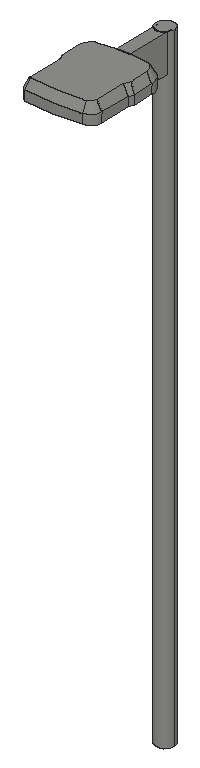
Revit family "VP-1_ADU", category Lighting Fixtures, host Face, Revit 2019
Family settings
  Host = Face
  Round Connector Dimension = Use Diameter
  Part Type = Normal
  OmniClass Number = 23.80.70.11.14.17
  OmniClass Title = Direct/Indirect
  Cut with Voids When Loaded = No
  Light Source = No
  Shared = Yes
  Room Calculation Point = No
Parameters (values of type "VP-1-AD3U")
  Wattage Comments = "97.2W"
  Warranty = "Five year warranty"  # constant formula
  Voltage = 120 V
  URL = "https://www.currentlighting.com/beacon"
  Type Comments = "Lighting Fixture"  # constant formula
  Size1 [instance] = SIZE1-ADU : SIZE1-ADU
  Product Page URL = "https://www.currentlighting.com/outdoor-lighting/viper-area-size-1/9606403"
  Product Documentation Link = "https://cdn.currentlighting.com/site/specsheet/BEA_VIPERSPEC.pdf"
  Power Factor = 0.9
  Pole Radius [instance] = Pole Size / 2  # 1.75"
  Pole Height [instance] = 120.00"
  Name = "Viper Area Size 1"  # constant formula
  Mounting Block Size [instance] = Pole Size - 1.00"  # 2.50"
  Model = "VP-1-AD3U"
  Matt Grey = MATT GREY
  Matt Black = Matt Black
  Manufacturer = "Current Lighting"  # constant formula
  Load Classification = Lighting
  Light Output = 6297.00 cd/m²
  Lamp = "LED"  # constant formula
  Grey = Grey
  Glass = Glass
  Pole Size [instance] = 3.50"
  Features = "Featuring two different optical technologies, Micro Strike and Strike Optics, which provide the best distribution patterns for retrofit or new construction\r\nVibration rated for high vibration applications including bridges and overpasses\r\nControl options including photo control, occupancy sensing, NX Lighting Controls, wiSCAPE and 7-Pin with networked controls\r\nMounting options include: Arm, Universal Arm, Adjustable Arm, Mast Arm, Decorative Arm, Knuckle, Trunnion, Wall\r\nDistribution options include: Auto Front Row, Type 2, Type 3, Type 4 Forward, Type 4 Wide, Type 5 Narrow, Type 5 Medium, Type 5 Wide, Type 5 Rectangular, Corner Optic, and Tennis Court\r\n\r\n"  # constant formula
  Copyright = "© 2022 Current Lighting"  # constant formula
  Cool Grey = Cool Grey
  Contact Us = "https://www.currentlighting.com/contact-us"
  Certification = "UL"  # constant formula
  Description = "The Viper is an extremely versatile area/site luminaire which blends design, performance, and technology for a variety of applications."  # constant formula
  Default Elevation = 48.00"
  Finish = Arctic White
  Matt White = Matt White
  CRI = "70"  # constant formula
  Brand = "Beacon"  # constant formula
  Assembly Code = "D5020200"
  Apparent Load = 97.2 VA
Types (4): name | Pole Radius | Mounting Block Size | Model | Pole Size
  (no name) | 1.75" | 2.50" | "VP-1-AD3U" | 3.50"
  VP-1-AD3U | 1.75" | 2.50" | "VP-1-AD3U" | 3.50"
  VP-1-AD4U | 2.09" | 3.18" | "VP-1-AD4U" | 4.18"
  VP-1-AD5U | 2.75" | 4.50" | "VP-1-AD5U" | 5.50"
Reference planes (in)
  plane 1 "Center (Front/Back)": y = 6.16697
  plane 2: z = 0
  plane 3 "Center (Left/Right)": x = 0
  plane 4: z = 3.75
  plane 5: z = -4.44
  plane 6: x = -1.75
  plane 7: x = 1.75
  plane 8: y = 4.41697
  plane 9: y = 7.91697
  plane 10: z = 120
Forms (in)
  Extrusion 1, solid, material "Cool Grey" <- "Cool Grey"
    sketch origin (0, 0, 0) x (1, 0, 0) y (0, 1, 0)
      loop
        circle (0, 6.16697) r 1.75
    from 0 to 120
Lines and regions (in)
  reference lines
    curve 1: line (0, 14.42606, -3.25) -> (0, 17.42606, -0.25)
    curve 2: line (0, -2.09213, -3.25) -> (0, 14.42606, -3.25)
    curve 3: line (0, -5.09213, -0.25) -> (0, -2.09213, -3.25)
    curve 4: line (0, 14.42606, -3.25) -> (0, 17.42606, -0.25)
    curve 5: line (0, -5.09213, -0.25) -> (0, 17.42606, -0.25)
    curve 6: line (0, 17.17606, -0.77432) -> (0, 17.92606, -0.77432)
    curve 7: line (0, 17.17606, -1.52432) -> (0, 17.17606, -0.77432)
    curve 8: line (0, 16.69614, -1.52432) -> (0, 17.17606, -1.52432)
    curve 9: line (0, 14.92606, -4.25) -> (0, 16.69614, -1.52432)
    curve 10: line (0, -4.3622, -1.52432) -> (0, -2.59213, -4.25)
    curve 11: line (0, -4.84213, -1.52432) -> (0, -4.3622, -1.52432)
    curve 12: line (0, -4.84213, -0.77432) -> (0, -4.84213, -1.52432)
    curve 13: line (0, -5.59213, -0.77432) -> (0, -4.84213, -0.77432)
Dimensions and locks (in)
  plane 4 to plane 2 = 3.75"
  "Pole Size": plane 8 to plane 9
  equal spacing: plane 8, plane 1 "Center (Front/Back)", plane 9
  equal spacing: plane 6, plane 3 "Center (Left/Right)", plane 7
  "Pole Size": plane 6 to plane 7
  "Pole Height": plane 10 to plane 2
  "Pole Radius": radius of Extrusion 1 sketch curve
  aligned and locked: plane 2 to host face
  aligned and locked: level to host face
  aligned and locked: plane 10 to Extrusion 1
  aligned and locked: plane 3 "Center (Left/Right)" to nested 1
  aligned and locked: nested 1 to plane 10
Automatic sketch dimensions
  host sketch curve to host sketch curve = 96.00"
  host sketch curve to host sketch curve = 85.00"
  curve 3 to level = 0.25"
  plane 8 to curve 3 = 9.50909"
  curve 3 to curve 12 = 0.25"
  curve 11 to curve 11 = 0.47992"
  curve 2 to plane 5 = 1.19"
  curve 10 to curve 2 = 2.27008"
  curve 1 to plane 9 = 6.50909"
  curve 9 to level = 1.52432"
  curve 1 to curve 9 = 2.27008"
  curve 8 to curve 8 = 0.47992"
  curve 6 to curve 4 = 0.25"
  curve 10 to curve 3 = 1.27432"
  curve 7 to curve 1 = 0.52432"
  curve 12 to curve 3 = 0.52432"
  curve 13 to curve 3 = 0.50"
  curve 10 to plane 5 = 0.19"
  curve 10 to curve 2 = 0.50"
  curve 9 to plane 5 = 0.19"
  curve 1 to curve 9 = 0.50"
  curve 1 to curve 6 = 0.50"
  plane 1 "Center (Front/Back)" to Extrusion 1 sketch curve = 0.00"
  Extrusion 1 sketch curve to plane 3 "Center (Left/Right)" = 0.00"
Nested families (in)
  nested 1: "SIZE1-ADU" at (0, 4.41697, 118.26) x (1, 0, 0) z (0, -1, 0), Mounting Block Width <- "Mounting Block Size", type "SIZE1-ADU"
    with Mounting Block Width 2.50"
Connectors (in)
  electrical at (0, 6.16697, 0), driven by "Power Factor", driven by "Apparent Load", driven by "Voltage"
    settings: on Extrusion 1, index 1, voltage 120 V, apparent load 97.2 VA, apparent load phase1 0 VA, apparent load phase2 0 VA, apparent load phase3 0 VA, power factor 0.9, load classification "Other", number of poles 1, system type 30, power factor state 1, is connector primary yes, connector utility no, sub classification motor no, connector description "Light Fixture"
Definition of nested family "SIZE1-ADU"
  Parameters (values of type "SIZE1-ADU")
    Width = 14.38"
    Wattage = 97.2 W
    built-in parameter 1150110 = 1 (stored number, unit not read)
    built-in parameter 1114217 = 1 (stored number, unit not read)
    Tilt Angle = 160.00°
    built-in parameter 1150109 = 1 (stored number, unit not read)
    built-in parameter 1150134 = 3
    built-in parameter 1150113 = 1 (stored number, unit not read)
    Photometric Web File = "VP-1-160L-100-3K7-4W-BC.ies"
    Mounting Block Width [instance] = 3.00"
    Mount Length = 7.30"
    built-in parameter 1150105 = 502.77 (stored number, unit not read)
    Lumens = 6318 lm
    built-in parameter 1150115 = 1 (stored number, unit not read)
    built-in parameter 1150137 = (empty or 0)
    built-in parameter 1150139 = (empty or 0)
    Length = 16.76"
    built-in parameter 1150112 = 1 (stored number, unit not read)
    built-in parameter 1150114 = 1 (stored number, unit not read)
    built-in parameter 1150132 = (empty or 0)
    built-in parameter 1150102 = (empty or 0)
    built-in parameter 1150107 = 3200 (stored number, unit not read)
    built-in parameter 1150138 = (empty or 0)
    built-in parameter 1150106 = 5.0277 (stored number, unit not read)
    Glass = none
    Fixture = none
    built-in parameter 1150104 = 6.0387 (stored number, unit not read)
    Dimming Lamp Color Temperature Shift = (empty or 0)
    Default Elevation = 48.00"
    Color Filter = 16777215
    built-in parameter 1114218 = 1 (stored number, unit not read)
    built-in parameter 1150133 = 10 (stored number, unit not read)
  Reference planes (in)
    plane 1 "Center (Front/Back)": y = 0
    plane 2: z = 0
    plane 3 "Center (Left/Right)": x = 0
    plane 4: x = 7.19
    plane 5: x = -7.19
    plane 6: z = 7.3
    plane 7: z = 24.06
    plane 8: y = -1.74
    plane 9: y = 1.74
    plane 10: x = -1.5
    plane 11: x = 1.5
  Forms (in)
    Extrusion 1, solid
      sketch origin (0, 0, 0) x (1, 0, 0) y (0, 1, 0)
        loop
          line (-48, 48) -> (-48, -48) -> (48, -48) -> (48, 48) -> (-48, 48)
      from 0 to -12
    Extrusion 2, solid, material <- "Fixture"
      sketch origin (0, 0, 0) x (1, 0, 0) y (0, 0, 1)
        loop
          line (-6.90972, 15.52202) -> (-7.315, 14.47799) -> (-7.315, 10.44521)
          arc (-7.315, 10.44521) -> (-6.65907, 8.48733) -> (-4.95604, 7.31974) r 3.25
          arc (-4.95604, 7.31974) -> (0, 6.81429) -> (4.95604, 7.31974) r 24.55009
          arc (4.95604, 7.31974) -> (6.65907, 8.48733) -> (7.315, 10.44521) r 3.25
          line (7.315, 10.44521) -> (7.315, 14.47799) -> (6.8775, 15.60502) -> (6.8775, 21.64879)
          arc (6.8775, 21.64879) -> (6.33181, 23.02174) -> (4.99253, 23.64548) r 2
          arc (4.99253, 23.64548) -> (-0.48882, 24.02102) -> (-5.96128, 23.53274) r 34.9432
          arc (-5.96128, 23.53274) -> (-6.64447, 23.08958) -> (-6.90972, 22.31966) r 1.25
          line (-6.90972, 22.31966) -> (-6.90972, 15.52202)
      from 0 to 1.74
    Extrusion 3, solid, material <- "Fixture"
      sketch origin (0, 0, 0) x (0, 1, 0) y (0, 0, 1)
        loop
          line (1.74, 7.93918) -> (-1.74, 7.93918) -> (-1.74, 5.73801)
          arc (-1.74, 5.73801) -> (-1.91356, 4.61037) -> (-2.41818, 3.5871) r 3.75
          line (-2.41818, 3.5871) -> (-5.31007, 1.22439)
          arc (-5.31007, 1.22439) -> (-5.39997, 1.10958) -> (-5.432, 0.96732) r 0.33196
          line (-5.432, 0.96732) -> (-5.432, -1.406) -> (-2.86955, -1.406) -> (1.74, -1.406) -> (1.74, 7.93918)
      from -1.24 to 1.24
    Extrusion 4, void
      sketch origin (0, 0, 0) x (1, 0, 0) y (0, 0, 1)
        loop
          arc (-5.91108, 14.93936) -> (0.07703, 15.26698) -> (6.065, 14.93674) r 54.66878
          line (6.065, 14.93674) -> (6.065, 21.74182) -> (-5.91108, 21.74182) -> (-5.91108, 14.93936)
      from 1 to 1.75
    Extrusion 5, solid, material <- "Glass"
      sketch origin (0, 0, -0.25) x (1, 0, 0) y (0, 0, 1)
        loop
          arc (-5.06487, 21.74182) -> (-5.31236, 21.63931) -> (-5.41487, 21.39182) r 0.35
          line (-5.41487, 21.39182) -> (-5.41487, 16.34182)
          arc (-5.41487, 16.34182) -> (-5.31236, 16.09434) -> (-5.06487, 15.99182) r 0.35
          line (-5.06487, 15.99182) -> (5.11803, 15.99182)
          arc (5.11803, 15.99182) -> (5.36552, 16.09434) -> (5.46803, 16.34182) r 0.35
          line (5.46803, 16.34182) -> (5.46803, 21.39182)
          arc (5.46803, 21.39182) -> (5.36552, 21.63931) -> (5.11803, 21.74182) r 0.35
          line (5.11803, 21.74182) -> (-5.06487, 21.74182)
      from 1 to 1.35
    Extrusion 6, solid, material <- "Glass"
      sketch origin (0, 0, -0.25) x (1, 0, 0) y (0, 0, 1)
        loop
          circle (-4.85829, 20.91694) r 0.15
        loop
          circle (-4.33955, 20.91694) r 0.15
        loop
          circle (-3.8208, 20.91694) r 0.15
        loop
          circle (-3.30205, 20.91694) r 0.15
        loop
          circle (-2.7833, 20.91694) r 0.15
        loop
          circle (-2.26455, 20.91694) r 0.15
        loop
          circle (-1.7458, 20.91694) r 0.15
        loop
          circle (-1.22705, 20.91694) r 0.15
        loop
          circle (-0.70831, 20.91694) r 0.15
        loop
          circle (-4.85829, 20.41694) r 0.15
        loop
          circle (-4.33955, 20.41694) r 0.15
        loop
          circle (-3.8208, 20.41694) r 0.15
        loop
          circle (-3.30205, 20.41694) r 0.15
        loop
          circle (-2.7833, 20.41694) r 0.15
        loop
          circle (-2.26455, 20.41694) r 0.15
        loop
          circle (-1.7458, 20.41694) r 0.15
        loop
          circle (-1.22705, 20.41694) r 0.15
        loop
          circle (-0.70831, 20.41694) r 0.15
        loop
          circle (-4.85829, 19.91694) r 0.15
        loop
          circle (-4.33955, 19.91694) r 0.15
        loop
          circle (-3.8208, 19.91694) r 0.15
        loop
          circle (-3.30205, 19.91694) r 0.15
        loop
          circle (-2.7833, 19.91694) r 0.15
        loop
          circle (-2.26455, 19.91694) r 0.15
        loop
          circle (-1.7458, 19.91694) r 0.15
        loop
          circle (-1.22705, 19.91694) r 0.15
        loop
          circle (-0.70831, 19.91694) r 0.15
        loop
          circle (-4.85829, 19.41694) r 0.15
        loop
          circle (-4.33955, 19.41694) r 0.15
        loop
          circle (-3.8208, 19.41694) r 0.15
        loop
          circle (-3.30205, 19.41694) r 0.15
        loop
          circle (-2.7833, 19.41694) r 0.15
        loop
          circle (-2.26455, 19.41694) r 0.15
        loop
          circle (-1.7458, 19.41694) r 0.15
        loop
          circle (-1.22705, 19.41694) r 0.15
        loop
          circle (-0.70831, 19.41694) r 0.15
        loop
          circle (-4.85829, 18.91694) r 0.15
        loop
          circle (-4.33955, 18.91694) r 0.15
        loop
          circle (-3.8208, 18.91694) r 0.15
        loop
          circle (-3.30205, 18.91694) r 0.15
        loop
          circle (-2.7833, 18.91694) r 0.15
        loop
          circle (-2.26455, 18.91694) r 0.15
        loop
          circle (-1.7458, 18.91694) r 0.15
        loop
          circle (-1.22705, 18.91694) r 0.15
        loop
          circle (-0.70831, 18.91694) r 0.15
        loop
          circle (-4.85829, 18.41694) r 0.15
        loop
          circle (-4.33955, 18.41694) r 0.15
        loop
          circle (-3.8208, 18.41694) r 0.15
        loop
          circle (-3.30205, 18.41694) r 0.15
        loop
          circle (-2.7833, 18.41694) r 0.15
        loop
          circle (-2.26455, 18.41694) r 0.15
        loop
          circle (-1.7458, 18.41694) r 0.15
        loop
          circle (-1.22705, 18.41694) r 0.15
        loop
          circle (-0.70831, 18.41694) r 0.15
        loop
          circle (-4.85829, 17.91694) r 0.15
        loop
          circle (-4.33955, 17.91694) r 0.15
        loop
          circle (-3.8208, 17.91694) r 0.15
        loop
          circle (-3.30205, 17.91694) r 0.15
        loop
          circle (-2.7833, 17.91694) r 0.15
        loop
          circle (-2.26455, 17.91694) r 0.15
        loop
          circle (-1.7458, 17.91694) r 0.15
        loop
          circle (-1.22705, 17.91694) r 0.15
        loop
          circle (-0.70831, 17.91694) r 0.15
        loop
          circle (-4.85829, 17.41694) r 0.15
        loop
          circle (-4.33955, 17.41694) r 0.15
        loop
          circle (-3.8208, 17.41694) r 0.15
        loop
          circle (-3.30205, 17.41694) r 0.15
        loop
          circle (-2.7833, 17.41694) r 0.15
        loop
          circle (-2.26455, 17.41694) r 0.15
        loop
          circle (-1.7458, 17.41694) r 0.15
        loop
          circle (-1.22705, 17.41694) r 0.15
        loop
          circle (-0.70831, 17.41694) r 0.15
        loop
          circle (-4.85829, 16.91694) r 0.15
        loop
          circle (-4.33955, 16.91694) r 0.15
        loop
          circle (-3.8208, 16.91694) r 0.15
        loop
          circle (-3.30205, 16.91694) r 0.15
        loop
          circle (-2.7833, 16.91694) r 0.15
        loop
          circle (-2.26455, 16.91694) r 0.15
        loop
          circle (-1.7458, 16.91694) r 0.15
        loop
          circle (-1.22705, 16.91694) r 0.15
        loop
          circle (-0.70831, 16.91694) r 0.15
      from 1.35 to 1.4
    Extrusion 7, solid, material <- "Glass"
      sketch origin (0, 0, -0.25) x (-1, 0, 0) y (0, 0, -1)
        loop
          circle (-4.85829, -20.91694) r 0.15
        loop
          circle (-4.33955, -20.91694) r 0.15
        loop
          circle (-3.8208, -20.91694) r 0.15
        loop
          circle (-3.30205, -20.91694) r 0.15
        loop
          circle (-2.7833, -20.91694) r 0.15
        loop
          circle (-2.26455, -20.91694) r 0.15
        loop
          circle (-1.7458, -20.91694) r 0.15
        loop
          circle (-1.22705, -20.91694) r 0.15
        loop
          circle (-0.70831, -20.91694) r 0.15
        loop
          circle (-4.85829, -20.41694) r 0.15
        loop
          circle (-4.33955, -20.41694) r 0.15
        loop
          circle (-3.8208, -20.41694) r 0.15
        loop
          circle (-3.30205, -20.41694) r 0.15
        loop
          circle (-2.7833, -20.41694) r 0.15
        loop
          circle (-2.26455, -20.41694) r 0.15
        loop
          circle (-1.7458, -20.41694) r 0.15
        loop
          circle (-1.22705, -20.41694) r 0.15
        loop
          circle (-0.70831, -20.41694) r 0.15
        loop
          circle (-4.85829, -19.91694) r 0.15
        loop
          circle (-4.33955, -19.91694) r 0.15
        loop
          circle (-3.8208, -19.91694) r 0.15
        loop
          circle (-3.30205, -19.91694) r 0.15
        loop
          circle (-2.7833, -19.91694) r 0.15
        loop
          circle (-2.26455, -19.91694) r 0.15
        loop
          circle (-1.7458, -19.91694) r 0.15
        loop
          circle (-1.22705, -19.91694) r 0.15
        loop
          circle (-0.70831, -19.91694) r 0.15
        loop
          circle (-4.85829, -19.41694) r 0.15
        loop
          circle (-4.33955, -19.41694) r 0.15
        loop
          circle (-3.8208, -19.41694) r 0.15
        loop
          circle (-3.30205, -19.41694) r 0.15
        loop
          circle (-2.7833, -19.41694) r 0.15
        loop
          circle (-2.26455, -19.41694) r 0.15
        loop
          circle (-1.7458, -19.41694) r 0.15
        loop
          circle (-1.22705, -19.41694) r 0.15
        loop
          circle (-0.70831, -19.41694) r 0.15
        loop
          circle (-4.85829, -18.91694) r 0.15
        loop
          circle (-4.33955, -18.91694) r 0.15
        loop
          circle (-3.8208, -18.91694) r 0.15
        loop
          circle (-3.30205, -18.91694) r 0.15
        loop
          circle (-2.7833, -18.91694) r 0.15
        loop
          circle (-2.26455, -18.91694) r 0.15
        loop
          circle (-1.7458, -18.91694) r 0.15
        loop
          circle (-1.22705, -18.91694) r 0.15
        loop
          circle (-0.70831, -18.91694) r 0.15
        loop
          circle (-4.85829, -18.41694) r 0.15
        loop
          circle (-4.33955, -18.41694) r 0.15
        loop
          circle (-3.8208, -18.41694) r 0.15
        loop
          circle (-3.30205, -18.41694) r 0.15
        loop
          circle (-2.7833, -18.41694) r 0.15
        loop
          circle (-2.26455, -18.41694) r 0.15
        loop
          circle (-1.7458, -18.41694) r 0.15
        loop
          circle (-1.22705, -18.41694) r 0.15
        loop
          circle (-0.70831, -18.41694) r 0.15
        loop
          circle (-4.85829, -17.91694) r 0.15
        loop
          circle (-4.33955, -17.91694) r 0.15
        loop
          circle (-3.8208, -17.91694) r 0.15
        loop
          circle (-3.30205, -17.91694) r 0.15
        loop
          circle (-2.7833, -17.91694) r 0.15
        loop
          circle (-2.26455, -17.91694) r 0.15
        loop
          circle (-1.7458, -17.91694) r 0.15
        loop
          circle (-1.22705, -17.91694) r 0.15
        loop
          circle (-0.70831, -17.91694) r 0.15
        loop
          circle (-4.85829, -17.41694) r 0.15
        loop
          circle (-4.33955, -17.41694) r 0.15
        loop
          circle (-3.8208, -17.41694) r 0.15
        loop
          circle (-3.30205, -17.41694) r 0.15
        loop
          circle (-2.7833, -17.41694) r 0.15
        loop
          circle (-2.26455, -17.41694) r 0.15
        loop
          circle (-1.7458, -17.41694) r 0.15
        loop
          circle (-1.22705, -17.41694) r 0.15
        loop
          circle (-0.70831, -17.41694) r 0.15
        loop
          circle (-4.85829, -16.91694) r 0.15
        loop
          circle (-4.33955, -16.91694) r 0.15
        loop
          circle (-3.8208, -16.91694) r 0.15
        loop
          circle (-3.30205, -16.91694) r 0.15
        loop
          circle (-2.7833, -16.91694) r 0.15
        loop
          circle (-2.26455, -16.91694) r 0.15
        loop
          circle (-1.7458, -16.91694) r 0.15
        loop
          circle (-1.22705, -16.91694) r 0.15
        loop
          circle (-0.70831, -16.91694) r 0.15
      from 1.35 to 1.4
    Extrusion 8, solid, material <- "Glass"
      sketch origin (0, 0, -0.25) x (1, 0, 0) y (0, 0, 1)
        loop
          arc (-5.04655, 21.4209) -> (-5.22333, 21.34768) -> (-5.29655, 21.1709) r 0.25
          line (-5.29655, 21.1709) -> (-5.29655, 16.6709)
          arc (-5.29655, 16.6709) -> (-5.22333, 16.49412) -> (-5.04655, 16.4209) r 0.25
          line (-5.04655, 16.4209) -> (-0.54655, 16.4209)
          arc (-0.54655, 16.4209) -> (-0.36977, 16.49412) -> (-0.29655, 16.6709) r 0.25
          line (-0.29655, 16.6709) -> (-0.29655, 21.1709)
          arc (-0.29655, 21.1709) -> (-0.36977, 21.34768) -> (-0.54655, 21.4209) r 0.25
          line (-0.54655, 21.4209) -> (-5.04655, 21.4209)
      from 1.35 to 1.37213
    Extrusion 9, solid, material <- "Glass"
      sketch origin (0, 0, -0.25) x (-1, 0, 0) y (0, 0, -1)
        loop
          line (-5.04655, -21.4209) -> (-0.54655, -21.4209)
          arc (-0.54655, -21.4209) -> (-0.36977, -21.34768) -> (-0.29655, -21.1709) r 0.25
          line (-0.29655, -21.1709) -> (-0.29655, -16.6709)
          arc (-0.29655, -16.6709) -> (-0.36977, -16.49412) -> (-0.54655, -16.4209) r 0.25
          line (-0.54655, -16.4209) -> (-5.04655, -16.4209)
          arc (-5.04655, -16.4209) -> (-5.22333, -16.49412) -> (-5.29655, -16.6709) r 0.25
          line (-5.29655, -16.6709) -> (-5.29655, -21.1709)
          arc (-5.29655, -21.1709) -> (-5.22333, -21.34768) -> (-5.04655, -21.4209) r 0.25
      from 1.35 to 1.37213
    Extrusion 10, solid, material <- "Fixture"
      sketch origin (0.125, 0, 2) x (1, 0, 0) y (0, 1, 0)
        loop
          line (5.34818, -1) -> (5.34818, -1.20146)
          arc (5.34818, -1.20146) -> (5.35492, -1.23973) -> (5.37436, -1.27339) r 0.1119
          line (5.37436, -1.27339) -> (5.73492, -1.70309)
          arc (5.73492, -1.70309) -> (5.76289, -1.72455) -> (5.79732, -1.73219) r 0.08147
          line (5.79732, -1.73219) -> (5.94, -1.73219) -> (5.94, -1) -> (5.34818, -1)
      from 18.55 to 18.65
    Extrusion 11, solid, material <- "Fixture"
      sketch origin (0.125, 0, 1.09761) x (1, 0, 0) y (0, 1, 0)
        loop
          line (5.34818, -1) -> (5.34818, -1.20146)
          arc (5.34818, -1.20146) -> (5.35492, -1.23973) -> (5.37436, -1.27339) r 0.1119
          line (5.37436, -1.27339) -> (5.73492, -1.70309)
          arc (5.73492, -1.70309) -> (5.76289, -1.72455) -> (5.79732, -1.73219) r 0.08147
          line (5.79732, -1.73219) -> (5.94, -1.73219) -> (5.94, -1) -> (5.34818, -1)
      from 18.55 to 18.65
    Extrusion 12, solid, material <- "Fixture"
      sketch origin (0.125, 0, 0.20579) x (1, 0, 0) y (0, 1, 0)
        loop
          line (5.34818, -1) -> (5.34818, -1.20146)
          arc (5.34818, -1.20146) -> (5.35492, -1.23973) -> (5.37436, -1.27339) r 0.1119
          line (5.37436, -1.27339) -> (5.73492, -1.70309)
          arc (5.73492, -1.70309) -> (5.76289, -1.72455) -> (5.79732, -1.73219) r 0.08147
          line (5.79732, -1.73219) -> (5.94, -1.73219) -> (5.94, -1) -> (5.34818, -1)
      from 18.55 to 18.65
    Extrusion 13, solid, material <- "Fixture"
      sketch origin (0.125, 0, -0.68603) x (1, 0, 0) y (0, 1, 0)
        loop
          line (5.34818, -1) -> (5.34818, -1.20146)
          arc (5.34818, -1.20146) -> (5.35492, -1.23973) -> (5.37436, -1.27339) r 0.1119
          line (5.37436, -1.27339) -> (5.73492, -1.70309)
          arc (5.73492, -1.70309) -> (5.76289, -1.72455) -> (5.79732, -1.73219) r 0.08147
          line (5.79732, -1.73219) -> (5.94, -1.73219) -> (5.94, -1) -> (5.34818, -1)
      from 18.55 to 18.65
    Extrusion 14, solid, material <- "Fixture"
      sketch origin (0.125, 0, -1.57681) x (1, 0, 0) y (0, 1, 0)
        loop
          line (5.34818, -1) -> (5.34818, -1.20146)
          arc (5.34818, -1.20146) -> (5.35492, -1.23973) -> (5.37436, -1.27339) r 0.1119
          line (5.37436, -1.27339) -> (5.73492, -1.70309)
          arc (5.73492, -1.70309) -> (5.76289, -1.72455) -> (5.79732, -1.73219) r 0.08147
          line (5.79732, -1.73219) -> (5.94, -1.73219) -> (5.94, -1) -> (5.34818, -1)
      from 18.55 to 18.65
    Extrusion 15, solid, material <- "Fixture"
      sketch origin (0, 0, 2) x (-1, 0, 0) y (0, -1, 0)
        loop
          line (5.34818, 1) -> (5.94, 1) -> (5.94, 1.73219) -> (5.79732, 1.73219)
          arc (5.79732, 1.73219) -> (5.76289, 1.72455) -> (5.73492, 1.70309) r 0.08147
          line (5.73492, 1.70309) -> (5.37436, 1.27339)
          arc (5.37436, 1.27339) -> (5.35492, 1.23973) -> (5.34818, 1.20146) r 0.1119
          line (5.34818, 1.20146) -> (5.34818, 1)
      from 18.55 to 18.65
    Extrusion 16, solid, material <- "Fixture"
      sketch origin (0, 0, 1.09761) x (-1, 0, 0) y (0, -1, 0)
        loop
          line (5.34818, 1) -> (5.94, 1) -> (5.94, 1.73219) -> (5.79732, 1.73219)
          arc (5.79732, 1.73219) -> (5.76289, 1.72455) -> (5.73492, 1.70309) r 0.08147
          line (5.73492, 1.70309) -> (5.37436, 1.27339)
          arc (5.37436, 1.27339) -> (5.35492, 1.23973) -> (5.34818, 1.20146) r 0.1119
          line (5.34818, 1.20146) -> (5.34818, 1)
      from 18.55 to 18.65
    Extrusion 17, solid, material <- "Fixture"
      sketch origin (0, 0, 0.20579) x (-1, 0, 0) y (0, -1, 0)
        loop
          line (5.34818, 1) -> (5.94, 1) -> (5.94, 1.73219) -> (5.79732, 1.73219)
          arc (5.79732, 1.73219) -> (5.76289, 1.72455) -> (5.73492, 1.70309) r 0.08147
          line (5.73492, 1.70309) -> (5.37436, 1.27339)
          arc (5.37436, 1.27339) -> (5.35492, 1.23973) -> (5.34818, 1.20146) r 0.1119
          line (5.34818, 1.20146) -> (5.34818, 1)
      from 18.55 to 18.65
    Extrusion 18, solid, material <- "Fixture"
      sketch origin (0, 0, -0.68603) x (-1, 0, 0) y (0, -1, 0)
        loop
          line (5.34818, 1) -> (5.94, 1) -> (5.94, 1.73219) -> (5.79732, 1.73219)
          arc (5.79732, 1.73219) -> (5.76289, 1.72455) -> (5.73492, 1.70309) r 0.08147
          line (5.73492, 1.70309) -> (5.37436, 1.27339)
          arc (5.37436, 1.27339) -> (5.35492, 1.23973) -> (5.34818, 1.20146) r 0.1119
          line (5.34818, 1.20146) -> (5.34818, 1)
      from 18.55 to 18.65
    Extrusion 19, solid, material <- "Fixture"
      sketch origin (0, 0, -1.57681) x (-1, 0, 0) y (0, -1, 0)
        loop
          line (5.34818, 1) -> (5.94, 1) -> (5.94, 1.73219) -> (5.79732, 1.73219)
          arc (5.79732, 1.73219) -> (5.76289, 1.72455) -> (5.73492, 1.70309) r 0.08147
          line (5.73492, 1.70309) -> (5.37436, 1.27339)
          arc (5.37436, 1.27339) -> (5.35492, 1.23973) -> (5.34818, 1.20146) r 0.1119
          line (5.34818, 1.20146) -> (5.34818, 1)
      from 18.55 to 18.65
    Blend 20, solid, material <- "Fixture"
      base sketch origin (0, 0, 0) x (1, 0, 0) y (0, 0, 1)
        loop
          arc (6.8775, 21.64879) -> (6.32945, 23.02423) -> (4.98567, 23.64587) r 2
          arc (4.98567, 23.64587) -> (-0.49619, 24.02032) -> (-5.96896, 23.53081) r 34.94258
          arc (-5.96896, 23.53081) -> (-6.6469, 23.08646) -> (-6.90972, 22.31966) r 1.25
          line (-6.90972, 22.31966) -> (-6.90972, 15.52202) -> (-7.315, 14.47799) -> (-7.315, 10.44521)
          arc (-7.315, 10.44521) -> (-6.65907, 8.48733) -> (-4.95604, 7.31974) r 3.25
          arc (-4.95604, 7.31974) -> (0, 6.81429) -> (4.95604, 7.31974) r 24.55009
          arc (4.95604, 7.31974) -> (6.65907, 8.48733) -> (7.315, 10.44521) r 3.25
          line (7.315, 10.44521) -> (7.315, 14.47799) -> (6.8775, 15.60502) -> (6.8775, 21.64879)
      top sketch origin (0, 0, 0) x (1, 0, 0) y (0, 0, 1)
        loop
          arc (5.8775, 21.64879) -> (5.59935, 22.34084) -> (4.91965, 22.64791) r 1
          arc (4.91965, 22.64791) -> (-0.4057, 23.02434) -> (-5.72421, 22.5612) r 33.9458
          arc (-5.72421, 22.5612) -> (-5.85799, 22.47194) -> (-5.90972, 22.31966) r 0.25
          line (-5.90972, 22.31966) -> (-5.90972, 15.33474) -> (-6.315, 14.29071) -> (-6.315, 10.44521)
          arc (-6.315, 10.44521) -> (-5.87115, 9.10345) -> (-4.71471, 8.29106) r 2.25
          arc (-4.71471, 8.29106) -> (0, 7.81429) -> (4.71471, 8.29106) r 23.55009
          arc (4.71471, 8.29106) -> (5.87115, 9.10345) -> (6.315, 10.44521) r 2.25
          line (6.315, 10.44521) -> (6.315, 14.29071) -> (5.8775, 15.41774) -> (5.8775, 21.64879)
      from 0 to -1.74
    Extrusion 21, void
      sketch origin (0.10319, 0, 4.02872) x (1, 0, 0) y (0, 0, 1)
        loop
          line (-5.94707, 9.88637) -> (-5.94707, 8.88637)
          arc (-5.94707, 8.88637) -> (-0.00354, 7.88584) -> (5.94, 8.88637) r 18.15382
          line (5.94, 8.88637) -> (5.94, 9.88637)
          arc (5.94, 9.88637) -> (-0.00354, 8.88584) -> (-5.94707, 9.88637) r 18.15382
        loop
          line (-5.85535, 7.87828) -> (-5.85535, 7.60486)
          arc (-5.85535, 7.60486) -> (0.0002, 6.63584) -> (5.85535, 7.60727) r 18.15382
          line (5.85535, 7.60727) -> (5.85535, 7.88068)
          arc (5.85535, 7.88068) -> (0.0002, 6.91466) -> (-5.85535, 7.87828) r 18.25
        loop
          line (-5.85535, 7.12828) -> (-5.85535, 6.85486)
          arc (-5.85535, 6.85486) -> (0.0002, 5.88584) -> (5.85535, 6.85727) r 18.15382
          line (5.85535, 6.85727) -> (5.85535, 7.13068)
          arc (5.85535, 7.13068) -> (0.0002, 6.16466) -> (-5.85535, 7.12828) r 18.25
      from 1 to 1.75
  Cuts and joins
    Extrusion 4, Extrusion 21 cuts Extrusion 2
    Extrusion 4 cuts Extrusion 3
    joined: Extrusion 2, Extrusion 3
  Dimensions and locks (in)
    equal spacing: plane 4, plane 3 "Center (Left/Right)", plane 5
    "Width": plane 4 to plane 5
    "Length": plane 7 to plane 6
    "Mount Length": plane 6 to plane 2
    equal spacing: plane 10, plane 3 "Center (Left/Right)", plane 11
    "Mounting Block Width": plane 10 to plane 11
    aligned and locked: plane 2 to Extrusion 1
    aligned and locked: level to Extrusion 1
  Automatic sketch dimensions
    Extrusion 1 sketch curve to Extrusion 1 sketch curve = 96.00"  (x2)
    Extrusion 2 sketch curve to plane 3 "Center (Left/Right)" = 0.00"
    Extrusion 2 sketch curve to plane 3 "Center (Left/Right)" = 0.12919"
    plane 5 to Extrusion 2 sketch curve = 3.125"
    plane 5 to Extrusion 2 sketch curve = 1.53028"
    plane 5 to Extrusion 2 sketch curve = 0.28028"
    Extrusion 2 sketch curve to plane 5 = 0.125"
    Extrusion 2 sketch curve to plane 4 = 3.125"
    Extrusion 2 sketch curve to plane 4 = 2.3125"
    Extrusion 2 sketch curve to plane 4 = 0.3125"
    plane 4 to Extrusion 2 sketch curve = 0.125"
    Extrusion 2 sketch curve to level = 10.92033"
    plane 6 to Extrusion 2 sketch curve = 3.14521"
    Extrusion 2 sketch curve to Extrusion 2 sketch curve = 0.00"
    Extrusion 2 sketch curve to Extrusion 2 sketch curve = 4.03278"  (x2)
    Extrusion 2 sketch curve to Extrusion 2 sketch curve = 1.04403"
    Extrusion 2 sketch curve to Extrusion 2 sketch curve = 1.12703"
    Extrusion 2 sketch curve to plane 7 = 2.41121"
    Extrusion 2 sketch curve to Extrusion 2 sketch curve = 6.79764"
    plane 7 to Extrusion 2 sketch curve = 7.30438"
    plane 6 to Extrusion 2 sketch curve = 0.01974"
    Extrusion 2 sketch curve to plane 7 = 0.52726"
    plane 5 to Extrusion 4 sketch curve = 1.27892"
    plane 3 "Center (Left/Right)" to Extrusion 4 sketch curve = 0.06506"
    Extrusion 4 sketch curve to plane 4 = 1.125"
    Extrusion 4 sketch curve to level = 39.4018"
    plane 6 to Extrusion 4 sketch curve = 7.63674"
    Extrusion 4 sketch curve to plane 7 = 2.31818"
    plane 5 to Extrusion 5 sketch curve = 1.77513"
    Extrusion 5 sketch curve to Extrusion 5 sketch curve = 0.35"  (x3)
    Extrusion 5 sketch curve to plane 4 = 2.07197"  (x2)
    Extrusion 5 sketch curve to plane 7 = 8.31818"
    Extrusion 5 sketch curve to plane 7 = 2.91818"
    plane 5 to Extrusion 6 sketch curve = 2.33171"
    Extrusion 6 sketch curve to Extrusion 6 sketch curve = 0.00"  (x61)
    Extrusion 6 sketch curve to Extrusion 6 sketch curve = 0.51875"  (x27)
    Extrusion 6 sketch curve to plane 7 = 7.39306"
    Extrusion 6 sketch curve to Extrusion 6 sketch curve = 0.50"  (x72)
    plane 4 to Extrusion 7 sketch curve = 2.33171"
    Extrusion 7 sketch curve to Extrusion 7 sketch curve = 0.00"  (x61)
    Extrusion 7 sketch curve to Extrusion 7 sketch curve = 0.51875"  (x27)
    plane 7 to Extrusion 7 sketch curve = 7.39306"
    Extrusion 7 sketch curve to Extrusion 7 sketch curve = 0.50"  (x72)
    plane 5 to Extrusion 8 sketch curve = 1.89345"
    Extrusion 8 sketch curve to Extrusion 8 sketch curve = 0.25"  (x3)
    Extrusion 8 sketch curve to plane 3 "Center (Left/Right)" = 0.54655"  (x2)
    Extrusion 8 sketch curve to plane 7 = 7.8891"
    Extrusion 8 sketch curve to plane 7 = 3.1391"
    plane 4 to Extrusion 9 sketch curve = 1.89345"
    Extrusion 9 sketch curve to Extrusion 9 sketch curve = 0.25"  (x3)
    Extrusion 9 sketch curve to plane 3 "Center (Left/Right)" = 0.54655"  (x2)
    plane 7 to Extrusion 9 sketch curve = 7.8891"
    plane 7 to Extrusion 9 sketch curve = 3.1391"
    Extrusion 10 sketch curve to plane 4 = 1.71682"
    Extrusion 10 sketch curve to plane 8 = 0.46661"
    Extrusion 10 sketch curve to Extrusion 10 sketch curve = 0.02618"
    Extrusion 10 sketch curve to Extrusion 10 sketch curve = 0.1119"
    Extrusion 10 sketch curve to plane 8 = 0.03691"
    Extrusion 10 sketch curve to Extrusion 10 sketch curve = 0.36056"
    Extrusion 10 sketch curve to plane 8 = 0.00781"
    Extrusion 10 sketch curve to Extrusion 10 sketch curve = 0.06241"
    Extrusion 10 sketch curve to Extrusion 10 sketch curve = 0.47992"
    Extrusion 10 sketch curve to Extrusion 10 sketch curve = 0.20146"
    Extrusion 11 sketch curve to plane 4 = 1.71682"
    Extrusion 11 sketch curve to plane 8 = 0.46661"
    Extrusion 11 sketch curve to Extrusion 11 sketch curve = 0.02618"
    Extrusion 11 sketch curve to Extrusion 11 sketch curve = 0.1119"
    Extrusion 11 sketch curve to plane 8 = 0.03691"
    Extrusion 11 sketch curve to Extrusion 11 sketch curve = 0.36056"
    Extrusion 11 sketch curve to plane 8 = 0.00781"
    Extrusion 11 sketch curve to Extrusion 11 sketch curve = 0.06241"
    Extrusion 11 sketch curve to Extrusion 11 sketch curve = 0.47992"
    Extrusion 11 sketch curve to Extrusion 11 sketch curve = 0.20146"
    Extrusion 12 sketch curve to plane 4 = 1.71682"
    Extrusion 12 sketch curve to plane 8 = 0.46661"
    Extrusion 12 sketch curve to Extrusion 12 sketch curve = 0.02618"
    Extrusion 12 sketch curve to Extrusion 12 sketch curve = 0.1119"
    Extrusion 12 sketch curve to plane 8 = 0.03691"
    Extrusion 12 sketch curve to Extrusion 12 sketch curve = 0.36056"
    Extrusion 12 sketch curve to plane 8 = 0.00781"
    Extrusion 12 sketch curve to Extrusion 12 sketch curve = 0.06241"
    Extrusion 12 sketch curve to Extrusion 12 sketch curve = 0.47992"
    Extrusion 12 sketch curve to Extrusion 12 sketch curve = 0.20146"
    Extrusion 13 sketch curve to plane 4 = 1.71682"
    Extrusion 13 sketch curve to plane 8 = 0.46661"
    Extrusion 13 sketch curve to Extrusion 13 sketch curve = 0.02618"
    Extrusion 13 sketch curve to Extrusion 13 sketch curve = 0.1119"
    Extrusion 13 sketch curve to plane 8 = 0.03691"
    Extrusion 13 sketch curve to Extrusion 13 sketch curve = 0.36056"
    Extrusion 13 sketch curve to plane 8 = 0.00781"
    Extrusion 13 sketch curve to Extrusion 13 sketch curve = 0.06241"
    Extrusion 13 sketch curve to Extrusion 13 sketch curve = 0.47992"
    Extrusion 13 sketch curve to Extrusion 13 sketch curve = 0.20146"
    Extrusion 14 sketch curve to plane 4 = 1.71682"
    Extrusion 14 sketch curve to plane 8 = 0.46661"
    Extrusion 14 sketch curve to Extrusion 14 sketch curve = 0.02618"
    Extrusion 14 sketch curve to Extrusion 14 sketch curve = 0.1119"
    Extrusion 14 sketch curve to plane 8 = 0.03691"
    Extrusion 14 sketch curve to Extrusion 14 sketch curve = 0.36056"
    Extrusion 14 sketch curve to plane 8 = 0.00781"
    Extrusion 14 sketch curve to Extrusion 14 sketch curve = 0.06241"
    Extrusion 14 sketch curve to Extrusion 14 sketch curve = 0.47992"
    Extrusion 14 sketch curve to Extrusion 14 sketch curve = 0.20146"
    Extrusion 15 sketch curve to plane 5 = 1.84182"
    plane 8 to Extrusion 15 sketch curve = 0.46661"
    Extrusion 15 sketch curve to Extrusion 15 sketch curve = 0.02618"
    Extrusion 15 sketch curve to Extrusion 15 sketch curve = 0.1119"
    plane 8 to Extrusion 15 sketch curve = 0.03691"
    Extrusion 15 sketch curve to Extrusion 15 sketch curve = 0.36056"
    plane 8 to Extrusion 15 sketch curve = 0.00781"
    Extrusion 15 sketch curve to Extrusion 15 sketch curve = 0.06241"
    Extrusion 15 sketch curve to Extrusion 15 sketch curve = 0.47992"
    Extrusion 15 sketch curve to Extrusion 15 sketch curve = 0.20146"
    plane 5 to Extrusion 16 sketch curve = 1.84182"
    Extrusion 16 sketch curve to plane 8 = 0.46661"
    Extrusion 16 sketch curve to Extrusion 16 sketch curve = 0.02618"
    Extrusion 16 sketch curve to Extrusion 16 sketch curve = 0.1119"
    Extrusion 16 sketch curve to plane 8 = 0.03691"
    Extrusion 16 sketch curve to Extrusion 16 sketch curve = 0.36056"
    Extrusion 16 sketch curve to plane 8 = 0.00781"
    Extrusion 16 sketch curve to Extrusion 16 sketch curve = 0.06241"
    Extrusion 16 sketch curve to Extrusion 16 sketch curve = 0.47992"
    Extrusion 16 sketch curve to Extrusion 16 sketch curve = 0.20146"
    plane 5 to Extrusion 17 sketch curve = 1.84182"
    Extrusion 17 sketch curve to plane 8 = 0.46661"
    Extrusion 17 sketch curve to Extrusion 17 sketch curve = 0.02618"
    Extrusion 17 sketch curve to Extrusion 17 sketch curve = 0.1119"
    Extrusion 17 sketch curve to plane 8 = 0.03691"
    Extrusion 17 sketch curve to Extrusion 17 sketch curve = 0.36056"
    Extrusion 17 sketch curve to plane 8 = 0.00781"
    Extrusion 17 sketch curve to Extrusion 17 sketch curve = 0.06241"
    Extrusion 17 sketch curve to Extrusion 17 sketch curve = 0.47992"
    Extrusion 17 sketch curve to Extrusion 17 sketch curve = 0.20146"
    plane 5 to Extrusion 18 sketch curve = 1.84182"
    Extrusion 18 sketch curve to plane 8 = 0.46661"
    Extrusion 18 sketch curve to Extrusion 18 sketch curve = 0.02618"
    Extrusion 18 sketch curve to Extrusion 18 sketch curve = 0.1119"
    Extrusion 18 sketch curve to plane 8 = 0.03691"
    Extrusion 18 sketch curve to Extrusion 18 sketch curve = 0.36056"
    Extrusion 18 sketch curve to plane 8 = 0.00781"
    Extrusion 18 sketch curve to Extrusion 18 sketch curve = 0.06241"
    Extrusion 18 sketch curve to Extrusion 18 sketch curve = 0.47992"
    Extrusion 18 sketch curve to Extrusion 18 sketch curve = 0.20146"
    plane 5 to Extrusion 19 sketch curve = 1.84182"
    Extrusion 19 sketch curve to plane 8 = 0.46661"
    Extrusion 19 sketch curve to Extrusion 19 sketch curve = 0.02618"
    Extrusion 19 sketch curve to Extrusion 19 sketch curve = 0.1119"
    Extrusion 19 sketch curve to plane 8 = 0.03691"
    Extrusion 19 sketch curve to Extrusion 19 sketch curve = 0.36056"
    Extrusion 19 sketch curve to plane 8 = 0.00781"
    Extrusion 19 sketch curve to Extrusion 19 sketch curve = 0.06241"
    Extrusion 19 sketch curve to Extrusion 19 sketch curve = 0.47992"
    Extrusion 19 sketch curve to Extrusion 19 sketch curve = 0.20146"
    Blend 20 sketch curve to plane 3 "Center (Left/Right)" = 0.00"  (x2)
    Blend 20 sketch curve to plane 3 "Center (Left/Right)" = 0.12919"  (x2)
    plane 5 to Blend 20 sketch curve = 3.125"  (x2)
    plane 5 to Blend 20 sketch curve = 1.53028"  (x2)
    plane 5 to Blend 20 sketch curve = 0.28028"
    Blend 20 sketch curve to plane 5 = 0.125"
    Blend 20 sketch curve to plane 4 = 3.125"  (x2)
    Blend 20 sketch curve to plane 4 = 2.3125"  (x2)
    Blend 20 sketch curve to plane 4 = 0.3125"
    plane 4 to Blend 20 sketch curve = 0.125"
    Blend 20 sketch curve to level = 10.92033"  (x2)
    plane 6 to Blend 20 sketch curve = 3.14521"  (x2)
    Blend 20 sketch curve to Blend 20 sketch curve = 0.00"  (x2)
    Blend 20 sketch curve to Blend 20 sketch curve = 4.03278"  (x2)
    Blend 20 sketch curve to Blend 20 sketch curve = 1.04403"  (x2)
    Blend 20 sketch curve to Blend 20 sketch curve = 1.12703"  (x2)
    Blend 20 sketch curve to plane 7 = 2.41121"  (x2)
    Blend 20 sketch curve to Blend 20 sketch curve = 6.79764"
    plane 7 to Blend 20 sketch curve = 7.30438"  (x2)
    plane 6 to Blend 20 sketch curve = 0.01974"
    Blend 20 sketch curve to plane 7 = 0.52919"
    Blend 20 sketch curve to Blend 20 sketch curve = 0.25"
    plane 5 to Blend 20 sketch curve = 0.875"
    Blend 20 sketch curve to plane 4 = 1.3125"
    Blend 20 sketch curve to plane 4 = 0.875"
    Blend 20 sketch curve to Blend 20 sketch curve = 3.8455"  (x2)
    Blend 20 sketch curve to Blend 20 sketch curve = 6.98493"
    plane 6 to Blend 20 sketch curve = 0.99106"
    Blend 20 sketch curve to Blend 20 sketch curve = 0.06449"
    Extrusion 3 sketch curve to plane 8 = 0.00"
    Extrusion 3 sketch curve to plane 9 = 0.00"
    plane 8 to Extrusion 3 sketch curve = 0.67818"
    plane 8 to Extrusion 3 sketch curve = 1.12955"
    level to Extrusion 3 sketch curve = 0.96732"
    Extrusion 3 sketch curve to Extrusion 3 sketch curve = 2.23049"
    level to Extrusion 3 sketch curve = 1.22439"
    Extrusion 3 sketch curve to Extrusion 3 sketch curve = 0.21003"
    plane 8 to Extrusion 3 sketch curve = 3.75"
    Extrusion 3 sketch curve to level = 1.406"
    level to Extrusion 3 sketch curve = 3.5871"
    plane 6 to Extrusion 3 sketch curve = 0.63918"
    plane 5 to Extrusion 21 sketch curve = 1.34612"
    plane 5 to Extrusion 21 sketch curve = 1.43784"
    Extrusion 21 sketch curve to Extrusion 21 sketch curve = 0.00"  (x2)
    plane 3 "Center (Left/Right)" to Extrusion 21 sketch curve = 0.09965"  (x6)
    Extrusion 21 sketch curve to plane 4 = 1.23147"
    Extrusion 21 sketch curve to plane 4 = 1.14681"
    plane 6 to Extrusion 21 sketch curve = 3.58358"
    level to Extrusion 21 sketch curve = 10.88599"
    Extrusion 21 sketch curve to Extrusion 21 sketch curve = 0.27343"  (x2)
    Extrusion 21 sketch curve to Extrusion 21 sketch curve = 0.27341"  (x2)
    Extrusion 21 sketch curve to Extrusion 21 sketch curve = 0.47657"
    Extrusion 21 sketch curve to Extrusion 21 sketch curve = 0.47659"
    Extrusion 21 sketch curve to Extrusion 21 sketch curve = 1.00808"
    Extrusion 21 sketch curve to Extrusion 21 sketch curve = 1.00"  (x2)
    Extrusion 21 sketch curve to Extrusion 21 sketch curve = 0.875"
    radius of Extrusion 6 sketch curve = 0.15"  (x81)
    radius of Extrusion 7 sketch curve = 0.15"  (x81)
